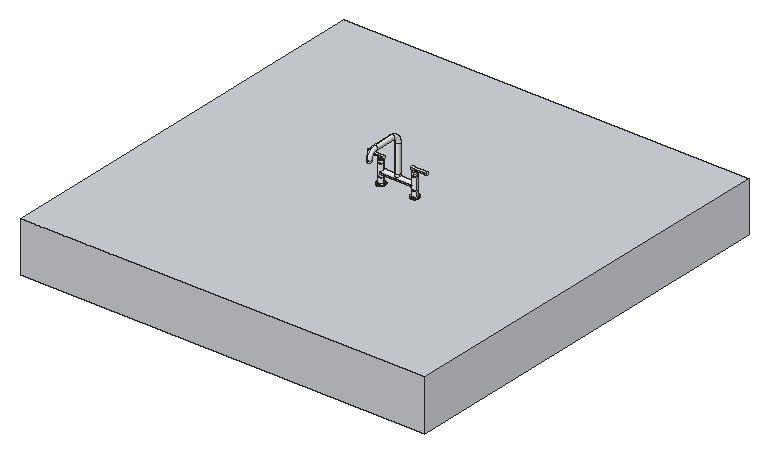
Revit family
Parameters (values of type "Metal-CP-Polished_Chrome")
  Width [instance] = 1' - 2"
  URL = "http://www.us.kohler.com"
  Product Page URL = "http://www.us.kohler.com/onlinecatalog/detail.jsp?prod_num=7547-4"
  Product Documentation Link = "http://www.us.kohler.com/onlinecatalog/pdf/1169539_4.pdf"
  Model = "K-7547-4"  # constant formula
  Manufacturer = "Kohler"  # constant formula
  Length [instance] = 0' - 10 1/16"
  Hot Water Radius = 0' 0 3/16"  # 3/16"
  Hot Water Diameter = Hot Water Radius * 2  # 3/8"
  Hot Water Connection = "Hot Water Connection"  # constant formula
  Height [instance] = 1' - 0 1/2"
  HWFU = 0
  HW Connection = yes
  Flow Rate = 1.8 GPM
  Finish = Metal-Kohler-CP-Polished Chrome
  Description = "Purist Deck-mount bridge faucet"  # constant formula
  Default Elevation = 0' - 0"
  Created By = "http://medialab3dstudio.com/"
  Cold Water Radius = 0' 0 3/16"  # 3/16"
  Cold Water Diameter = Cold Water Radius * 2  # 3/8"
  Cold Water Connection = "Cold Water Connection"  # constant formula
  CWFU = 0
  CW Connection = yes
  Assembly Code = "D2010"
Types (5): name | Finish
  (no name) | Metal-Kohler-CP-Polished Chrome
  Metal-CP-Polished_Chrome | Metal-Kohler-CP-Polished Chrome
  Metal-BL-Matte_Black | Metal-Kohler-BL-Matte Black
  Metal-SN-Vibrant_Polished_Nickel | Metal-Kohler-SN-Vibrant Polished Nickel
  Metal-VS-Vibrant_Stainless | Metal-Kohler-VS-Vibrant Stainless
Reference planes (in)
  plane 1 "Center (Front/Back)": y = 0
  plane 2 "Back": z = 0
  plane 3 "Center (Left/Right)": x = 0
  plane 4 "Left": x = -7
  plane 5 "Right": x = 7
  plane 6 "Top": y = 5.03125
  plane 7 "Bottom": y = -5.03125
  plane 8 "Front": z = 12.5
Forms (in)
  Extrusion 1, solid
    sketch origin (0, 0, 0) x (1, 0, 0) y (0, 1, 0)
      loop
        line (-48, 48) -> (-48, -48) -> (48, -48) -> (48, 48) -> (-48, 48)
    from 0 to -12
  Extrusion 2, solid, material "Metal-Kohler-CP-Polished Chrome" <- "Finish", not visible
    sketch origin (0, 0, 0) x (1, 0, 0) y (0, 1, 0)
      loop
        circle (-3.99993, 4.02) r 0.1875
      loop
        circle (3.99993, 4.02) r 0.1875
    from 0 to 0.1503
Dimensions and locks (in)
  equal spacing: plane 4 "Left", plane 3 "Center (Left/Right)", plane 5 "Right"
  "Width": plane 4 "Left" to plane 5 "Right"
  equal spacing: plane 6 "Top", plane 1 "Center (Front/Back)", plane 7 "Bottom"
  "Height": plane 8 "Front" to plane 2 "Back"
  "Length": plane 6 "Top" to plane 7 "Bottom"
  "Cold Water Radius": radius of Extrusion 2 sketch curve
  "Hot Water Radius": radius of Extrusion 2 sketch curve
  aligned and locked: plane 2 "Back" to Extrusion 1
  aligned and locked: level to Extrusion 1
Automatic sketch dimensions
  Extrusion 1 sketch curve to Extrusion 1 sketch curve = 8' - 0"  (x2)
  Extrusion 2 sketch curve to plane 6 "Top" = 0' - 1.01125"  (x2)
  plane 4 "Left" to Extrusion 2 sketch curve = 0' - 3.00007"
  plane 5 "Right" to Extrusion 2 sketch curve = 0' - 3.00007"
Nested families (in)
  nested 1: "7547-4-Base" at (0, 0, 0), type "7547-4-Base"
Connectors (in)
  piping at (3.99993, 4.02, 0), driven by "Flow Rate", driven by "Cold Water Radius", driven by "CW Connection", driven by "Cold Water Connection", driven by "CWFU"
    settings: on Extrusion 2, index 1, connector radius 3/16", flow factor 0, pipe flow 1.8 GPM, pressure drop 0.00 psi, fitting loss kfactor 0, connector angle 0.00°, fixture units 0, flow configuration 3, flow direction 1, fitting loss method 0, system type 20, connector reference index -1, connector utility 1, adjustable connector yes, is connector primary yes, fitting loss table "", connector description "Cold Water Connection"
  piping at (-3.99993, 4.02, 0), driven by "Flow Rate", driven by "Hot Water Radius", driven by "HW Connection", driven by "Hot Water Connection", driven by "HWFU"
    settings: on Extrusion 2, index 2, connector radius 3/16", flow factor 0, pipe flow 1.8 GPM, pressure drop 0.00 psi, fitting loss kfactor 0, connector angle 0.00°, fixture units 0, flow configuration 3, flow direction 1, fitting loss method 0, system type 19, connector reference index -1, connector utility 1, adjustable connector yes, is connector primary no, fitting loss table "", connector description "Hot Water Connection"
Definition of nested family "7547-4-Base"
  Parameters (values of type "7547-4-Base")
    Finish = none
  Reference planes (in)
    plane 1 "Center (Front/Back)": y = 0
    plane 2 "Bottom": z = 0
    plane 3 "Center (Left/Right)": x = 0
    plane 4 "Left": x = -7
    plane 5 "Right": x = 7
    plane 6 "Top": z = 12.5
    plane 7: z = 2.65809
    plane 8 "Back": y = 5.03125
    plane 9 "Front": y = -5.03125
  Forms (in)
    Revolve 1, solid, material <- "Finish", detail levels fine
      sketch origin (0, 4.02, 0) x (0, 0, -1) y (-1, 0, 0)
        loop
          line (-5.99817, 3.99993) -> (0, 3.99993) -> (0, 4.9649)
          arc (0, 4.9649) -> (-0.00882, 4.98619) -> (-0.03012, 4.99501) r 0.03012
          line (-0.03012, 4.99501) -> (-0.15012, 4.99501)
          arc (-0.15012, 4.99501) -> (-0.16928, 4.98809) -> (-0.17959, 4.97053) r 0.02998
          line (-0.17959, 4.97053) -> (-0.17959, 4.82251)
          arc (-0.17959, 4.82251) -> (-0.2471, 4.65954) -> (-0.41008, 4.59203) r 0.23049
          line (-0.41008, 4.59203) -> (-1.67015, 4.59203)
          arc (-1.67015, 4.59203) -> (-1.69103, 4.58338) -> (-1.69967, 4.56251) r 0.02952
          arc (-1.69967, 4.56251) -> (-1.71023, 4.58651) -> (-1.73505, 4.59496) r 0.03257
          line (-1.73505, 4.59496) -> (-4.63437, 4.59496)
          arc (-4.63437, 4.59496) -> (-4.67131, 4.58223) -> (-4.6926, 4.54946) r 0.06001
          line (-4.6926, 4.54946) -> (-4.72002, 4.5653)
          arc (-4.72002, 4.5653) -> (-4.72863, 4.58608) -> (-4.74941, 4.59469) r 0.02939
          line (-4.74941, 4.59469) -> (-5.30529, 4.58988)
          arc (-5.30529, 4.58988) -> (-5.3264, 4.58098) -> (-5.33513, 4.55981) r 0.0301
          line (-5.33513, 4.55981) -> (-5.33513, 4.47761)
          arc (-5.33513, 4.47761) -> (-5.40762, 4.30165) -> (-5.58301, 4.22781) r 0.24981
          line (-5.58301, 4.22781) -> (-5.99817, 4.22781) -> (-5.99817, 3.99993)
        axis (0, 3.99993) -> (-5.99817, 3.99993)
      angle from 0 to 360
    Extrusion 2, solid, material <- "Finish", detail levels fine
      sketch origin (0, 0, -0.10001) x (0, 1, 0) y (0, 0, 1)
        loop
          circle (4.01996, 6.10275) r 0.26961
      from -7 to -3.24998
    Revolve 3, solid, material <- "Finish", detail levels fine
      sketch origin (0, 4.02, 0) x (0, 0, -1) y (1, 0, 0)
        loop
          line (-5.99817, 3.99993) -> (0, 3.99993) -> (0, 4.9649)
          arc (0, 4.9649) -> (-0.00882, 4.98619) -> (-0.03012, 4.99501) r 0.03012
          line (-0.03012, 4.99501) -> (-0.15012, 4.99501)
          arc (-0.15012, 4.99501) -> (-0.16928, 4.98809) -> (-0.17959, 4.97053) r 0.02998
          line (-0.17959, 4.97053) -> (-0.17959, 4.82251)
          arc (-0.17959, 4.82251) -> (-0.2471, 4.65954) -> (-0.41008, 4.59203) r 0.23049
          line (-0.41008, 4.59203) -> (-1.67015, 4.59203)
          arc (-1.67015, 4.59203) -> (-1.69103, 4.58338) -> (-1.69967, 4.56251) r 0.02952
          arc (-1.69967, 4.56251) -> (-1.71023, 4.58651) -> (-1.73505, 4.59496) r 0.03257
          line (-1.73505, 4.59496) -> (-4.63437, 4.59496)
          arc (-4.63437, 4.59496) -> (-4.67131, 4.58223) -> (-4.6926, 4.54946) r 0.06001
          line (-4.6926, 4.54946) -> (-4.72002, 4.5653)
          arc (-4.72002, 4.5653) -> (-4.72863, 4.58608) -> (-4.74941, 4.59469) r 0.02939
          line (-4.74941, 4.59469) -> (-5.30529, 4.58988)
          arc (-5.30529, 4.58988) -> (-5.3264, 4.58098) -> (-5.33513, 4.55981) r 0.0301
          line (-5.33513, 4.55981) -> (-5.33513, 4.47761)
          arc (-5.33513, 4.47761) -> (-5.40762, 4.30165) -> (-5.58301, 4.22781) r 0.24981
          line (-5.58301, 4.22781) -> (-5.99817, 4.22781) -> (-5.99817, 3.99993)
        axis (0, 3.99993) -> (-5.99817, 3.99993)
      angle from 0 to 360
    Extrusion 4, solid, material <- "Finish", detail levels fine
      sketch origin (0, 0, -0.10001) x (0, 1, 0) y (0, 0, -1)
        loop
          circle (4.01996, -6.10275) r 0.26961
      from -7 to -3.24998
    Extrusion 5, solid, material <- "Finish", detail levels fine
      sketch origin (0, 0, 0) x (0, 1, 0) y (0, 0, 1)
        loop
          circle (4.02, 2.65809) r 0.58905
      from -3.99993 to 4.00005
    Revolve 6, solid, material <- "Finish", detail levels fine
      sketch origin (0, 4.02, 0) x (0, 0, -1) y (-1, 0, 0)
        loop
          arc (-3.6961, 0.49999) -> (-3.73242, 0.48401) -> (-3.74517, 0.44644) r 0.04925
          line (-3.74517, 0.44644) -> (-3.74517, 0) -> (-2.65809, 0) -> (-2.65809, 0.49999) -> (-3.6961, 0.49999)
        axis (-2.65809, 0) -> (-3.74517, 0)
      angle from 0 to 360
    Sweep 7, solid, material <- "Finish", detail levels fine
      path origin (0, 0, 0) x (0, 1, 0) y (0, 0, 1)
        loop
          line (4.02, 3.74517) -> (4.02, 10.29576)
          arc (4.02, 10.29576) -> (3.52236, 11.49717) -> (2.32096, 11.9948) r 1.69905
          line (2.32096, 11.9948) -> (-2.82251, 11.9948)
          arc (-2.82251, 11.9948) -> (-4.02783, 11.49555) -> (-4.52709, 10.29023) r 1.70458
          line (-4.52709, 10.29023) -> (-4.52709, 9.9187)
      profile origin (0, -0.25078, 11.9948) x (0, 0, -1) y (1, 0, 0)
        loop
          circle (0, 0) r 0.5052
    Extrusion 8, void
      sketch origin (0, 0, 0) x (1, 0, 0) y (0, 1, 0)
        loop
          circle (0, -4.52712) r 0.33254
      from 9.86577 to 10.6019
    Extrusion 9, solid, material <- "Finish", detail levels coarse+medium
      sketch origin (0, 0, 0) x (1, 0, 0) y (0, 1, 0)
        loop
          line (-7, 5.03228) -> (-7, -5.03228) -> (7, -5.03228) -> (7, 5.03228) -> (-7, 5.03228)
      from 0 to 12.5
  Cuts and joins
    Extrusion 8 cuts Sweep 7
    joined: Revolve 1, Extrusion 2, Revolve 3, Extrusion 4, Extrusion 5, Revolve 6, Sweep 7
  Lines and regions (in)
    Masking region 1, detail levels coarse
      outline origin (0, 0, 0) x (1, 0, 0) y (0, 0, 1)
        loop
          line (-7, 12.5) -> (-7, 0) -> (7, 0) -> (7, 12.5) -> (-7, 12.5)
    Masking region 2, detail levels medium+fine
      outline origin (0, 0, 0) x (1, 0, 0) y (0, 0, 1)
        loop
          line (-4.9649, 0) -> (-3.0351, 0)
          arc (-3.0351, 0) -> (-3.01381, 0.00882) -> (-3.00499, 0.03012) r 0.03012
          line (-3.00499, 0.03012) -> (-3.00499, 0.15019)
          arc (-3.00499, 0.15019) -> (-3.01381, 0.17149) -> (-3.0351, 0.18031) r 0.03012
          line (-3.0351, 0.18031) -> (-3.18047, 0.18031)
          arc (-3.18047, 0.18031) -> (-3.34197, 0.24778) -> (-3.40747, 0.41008) r 0.22701
          line (-3.40747, 0.41008) -> (-3.40747, 1.67015)
          arc (-3.40747, 1.67015) -> (-3.41612, 1.69103) -> (-3.43699, 1.69967) r 0.02952
          arc (-3.43699, 1.69967) -> (-3.41313, 1.71026) -> (-3.40495, 1.73505) r 0.0322
          line (-3.40495, 1.73505) -> (-3.40495, 1.93475)
          arc (-3.40495, 1.93475) -> (-3.36685, 2.02602) -> (-3.27516, 2.06311) r 0.12837
          line (-3.27516, 2.06311) -> (3.27511, 2.06311)
          arc (3.27511, 2.06311) -> (3.3668, 2.02602) -> (3.40491, 1.93475) r 0.12837
          line (3.40491, 1.93475) -> (3.40491, 1.73505)
          arc (3.40491, 1.73505) -> (3.41308, 1.71026) -> (3.43694, 1.69967) r 0.0322
          arc (3.43694, 1.69967) -> (3.41607, 1.69103) -> (3.40742, 1.67015) r 0.02952
          line (3.40742, 1.67015) -> (3.40742, 0.41008)
          arc (3.40742, 0.41008) -> (3.34192, 0.24778) -> (3.18043, 0.18031) r 0.22701
          line (3.18043, 0.18031) -> (3.03506, 0.18031)
          arc (3.03506, 0.18031) -> (3.01376, 0.17149) -> (3.00494, 0.15019) r 0.03012
          line (3.00494, 0.15019) -> (3.00494, 0.03012)
          arc (3.00494, 0.03012) -> (3.01376, 0.00882) -> (3.03506, 0) r 0.03012
          line (3.03506, 0) -> (4.96485, 0)
          arc (4.96485, 0) -> (4.98615, 0.00882) -> (4.99497, 0.03012) r 0.03012
          line (4.99497, 0.03012) -> (4.99497, 0.15012)
          arc (4.99497, 0.15012) -> (4.98805, 0.16928) -> (4.97048, 0.17959) r 0.02998
          line (4.97048, 0.17959) -> (4.82247, 0.17959)
          arc (4.82247, 0.17959) -> (4.65949, 0.2471) -> (4.59198, 0.41008) r 0.23049
          line (4.59198, 0.41008) -> (4.59198, 1.67015)
          arc (4.59198, 1.67015) -> (4.58334, 1.69103) -> (4.56246, 1.69967) r 0.02952
          arc (4.56246, 1.69967) -> (4.58646, 1.71023) -> (4.59491, 1.73505) r 0.03257
          line (4.59491, 1.73505) -> (4.59491, 4.64501)
          arc (4.59491, 4.64501) -> (4.58026, 4.68038) -> (4.5449, 4.69503) r 0.05002
          line (4.5449, 4.69503) -> (4.56525, 4.72002)
          arc (4.56525, 4.72002) -> (4.58603, 4.72863) -> (4.59464, 4.74941) r 0.02939
          line (4.59464, 4.74941) -> (4.58983, 5.30529)
          arc (4.58983, 5.30529) -> (4.58093, 5.3264) -> (4.55976, 5.33513) r 0.0301
          line (4.55976, 5.33513) -> (4.4764, 5.33513)
          arc (4.4764, 5.33513) -> (4.30086, 5.40769) -> (4.22776, 5.58301) r 0.24864
          line (4.22776, 5.58301) -> (4.22776, 5.73313) -> (6.99995, 5.73313) -> (6.99995, 6.27234) -> (3.24994, 6.27234) -> (3.24994, 5.73313) -> (3.77201, 5.73313) -> (3.77201, 5.58301)
          arc (3.77201, 5.58301) -> (3.69891, 5.40769) -> (3.52337, 5.33513) r 0.24864
          line (3.52337, 5.33513) -> (3.44001, 5.33513)
          arc (3.44001, 5.33513) -> (3.41884, 5.3264) -> (3.40994, 5.30529) r 0.0301
          line (3.40994, 5.30529) -> (3.40513, 4.74941)
          arc (3.40513, 4.74941) -> (3.41374, 4.72863) -> (3.43452, 4.72002) r 0.02939
          line (3.43452, 4.72002) -> (3.45488, 4.69503)
          arc (3.45488, 4.69503) -> (3.41951, 4.68038) -> (3.40486, 4.64501) r 0.05002
          line (3.40486, 4.64501) -> (3.40486, 3.38314)
          arc (3.40486, 3.38314) -> (3.36679, 3.29123) -> (3.27488, 3.25316) r 0.12998
          line (3.27488, 3.25316) -> (0.62997, 3.25316)
          arc (0.62997, 3.25316) -> (0.53806, 3.29123) -> (0.49999, 3.38314) r 0.12998
          line (0.49999, 3.38314) -> (0.49999, 3.6961)
          arc (0.49999, 3.6961) -> (0.48705, 3.72937) -> (0.45504, 3.74517) r 0.04925
          arc (0.45504, 3.74517) -> (0.48482, 3.76312) -> (0.49999, 3.79441) r 0.06114
          line (0.49999, 3.79441) -> (0.49994, 12.00003)
          arc (0.49994, 12.00003) -> (-0.00002, 12.5) -> (-0.49999, 12.00003) r 0.49997
          line (-0.49999, 12.00003) -> (-0.49999, 3.79441)
          arc (-0.49999, 3.79441) -> (-0.48482, 3.76312) -> (-0.45504, 3.74517) r 0.06114
          arc (-0.45504, 3.74517) -> (-0.48705, 3.72937) -> (-0.49999, 3.6961) r 0.04925
          line (-0.49999, 3.6961) -> (-0.49999, 3.38314)
          arc (-0.49999, 3.38314) -> (-0.53806, 3.29123) -> (-0.62997, 3.25316) r 0.12998
          line (-0.62997, 3.25316) -> (-3.27493, 3.25316)
          arc (-3.27493, 3.25316) -> (-3.36684, 3.29123) -> (-3.40491, 3.38314) r 0.12998
          line (-3.40491, 3.38314) -> (-3.40491, 4.64501)
          arc (-3.40491, 4.64501) -> (-3.41956, 4.68038) -> (-3.45492, 4.69503) r 0.05002
          line (-3.45492, 4.69503) -> (-3.43457, 4.72002)
          arc (-3.43457, 4.72002) -> (-3.41378, 4.72863) -> (-3.40517, 4.74941) r 0.02939
          line (-3.40517, 4.74941) -> (-3.40999, 5.30529)
          arc (-3.40999, 5.30529) -> (-3.41888, 5.3264) -> (-3.44006, 5.33513) r 0.0301
          line (-3.44006, 5.33513) -> (-3.52341, 5.33513)
          arc (-3.52341, 5.33513) -> (-3.69896, 5.40769) -> (-3.77205, 5.58301) r 0.24864
          line (-3.77205, 5.58301) -> (-3.77205, 5.73313) -> (-3.24998, 5.73313) -> (-3.24998, 6.27234) -> (-7, 6.27234) -> (-7, 5.73313) -> (-4.22781, 5.73313) -> (-4.22781, 5.58301)
          arc (-4.22781, 5.58301) -> (-4.3009, 5.40769) -> (-4.47645, 5.33513) r 0.24864
          line (-4.47645, 5.33513) -> (-4.55981, 5.33513)
          arc (-4.55981, 5.33513) -> (-4.58098, 5.3264) -> (-4.58988, 5.30529) r 0.0301
          line (-4.58988, 5.30529) -> (-4.59469, 4.74941)
          arc (-4.59469, 4.74941) -> (-4.58608, 4.72863) -> (-4.5653, 4.72002) r 0.02939
          line (-4.5653, 4.72002) -> (-4.54494, 4.69503)
          arc (-4.54494, 4.69503) -> (-4.58031, 4.68038) -> (-4.59496, 4.64501) r 0.05002
          line (-4.59496, 4.64501) -> (-4.59496, 1.73505)
          arc (-4.59496, 1.73505) -> (-4.58651, 1.71023) -> (-4.56251, 1.69967) r 0.03257
          arc (-4.56251, 1.69967) -> (-4.58338, 1.69103) -> (-4.59203, 1.67015) r 0.02952
          line (-4.59203, 1.67015) -> (-4.59203, 0.41008)
          arc (-4.59203, 0.41008) -> (-4.65954, 0.2471) -> (-4.82251, 0.17959) r 0.23049
          line (-4.82251, 0.17959) -> (-4.97053, 0.17959)
          arc (-4.97053, 0.17959) -> (-4.98809, 0.16928) -> (-4.99501, 0.15012) r 0.02998
          line (-4.99501, 0.15012) -> (-4.99501, 0.03012)
          arc (-4.99501, 0.03012) -> (-4.98619, 0.00882) -> (-4.9649, 0) r 0.03012
    Masking region 3, detail levels coarse
      outline origin (0, 0, 0) x (1, 0, 0) y (0, 1, 0)
        loop
          line (-7, 5.03228) -> (-7, -5.03228) -> (7, -5.03228) -> (7, 5.03228) -> (-7, 5.03228)
    Masking region 4, detail levels medium+fine
      outline origin (0, 0, 0) x (1, 0, 0) y (0, 1, 0)
        loop
          line (-7, 3.75035) -> (-4.93232, 3.75035)
          arc (-4.93232, 3.75035) -> (-4.18247, 3.06673) -> (-3.23312, 3.42498) r 0.97059
          line (-3.23312, 3.42498) -> (-0.5052, 3.42498) -> (-0.5052, -4.52709)
          arc (-0.5052, -4.52709) -> (-0.0026, -5.02968) -> (0.49999, -4.52709) r 0.50259
          line (0.49999, -4.52709) -> (0.49999, 3.42525) -> (3.23291, 3.42525)
          arc (3.23291, 3.42525) -> (4.1823, 3.0667) -> (4.93232, 3.75035) r 0.97059
          line (4.93232, 3.75035) -> (7, 3.75035) -> (7, 4.28956) -> (4.93234, 4.28956)
          arc (4.93234, 4.28956) -> (4.18252, 4.97327) -> (3.23312, 4.61503) r 0.97059
          line (3.23312, 4.61503) -> (-3.23312, 4.61503)
          arc (-3.23312, 4.61503) -> (-4.18252, 4.97327) -> (-4.93234, 4.28956) r 0.97059
          line (-4.93234, 4.28956) -> (-7, 4.28956) -> (-7, 3.75035)
    Masking region 5, detail levels coarse
      outline origin (0, 0, 0) x (0, 1, 0) y (0, 0, 1)
        loop
          line (5.03228, 12.5) -> (-5.03228, 12.5) -> (-5.03228, 0) -> (5.03228, 0) -> (5.03228, 12.5)
    Masking region 6, detail levels medium+fine
      outline origin (0, 0, 0) x (0, 1, 0) y (0, 0, 1)
        loop
          line (5.03228, 0.03054) -> (5.03228, 0.15254)
          arc (5.03228, 0.15254) -> (5.02331, 0.1742) -> (5.00165, 0.18317) r 0.03064
          line (5.00165, 0.18317) -> (4.85684, 0.18317)
          arc (4.85684, 0.18317) -> (4.69141, 0.2517) -> (4.62288, 0.41713) r 0.23396
          line (4.62288, 0.41713) -> (4.62288, 1.66913)
          arc (4.62288, 1.66913) -> (4.61394, 1.69073) -> (4.59234, 1.69967) r 0.03055
          arc (4.59234, 1.69967) -> (4.61662, 1.71027) -> (4.62537, 1.73528) r 0.03312
          line (4.62537, 1.73528) -> (4.62537, 4.63205)
          arc (4.62537, 4.63205) -> (4.61209, 4.66638) -> (4.57918, 4.68284) r 0.05101
          line (4.57918, 4.68284) -> (4.60122, 4.70487)
          arc (4.60122, 4.70487) -> (4.61904, 4.71467) -> (4.62537, 4.73399) r 0.02769
          line (4.62537, 4.73399) -> (4.62012, 5.30384)
          arc (4.62012, 5.30384) -> (4.61128, 5.32518) -> (4.58995, 5.33402) r 0.03018
          line (4.58995, 5.33402) -> (4.52522, 5.33402) -> (4.52522, 10.31751)
          arc (4.52522, 10.31751) -> (3.88599, 11.86076) -> (2.34274, 12.5) r 2.18249
          line (2.34274, 12.5) -> (-2.83723, 12.5)
          arc (-2.83723, 12.5) -> (-4.38937, 11.85708) -> (-5.03228, 10.30495) r 2.19505
          line (-5.03228, 10.30495) -> (-5.03228, 9.91875) -> (-4.02189, 9.91875) -> (-4.02189, 10.30495)
          arc (-4.02189, 10.30495) -> (-3.67489, 11.14268) -> (-2.83717, 11.48968) r 1.18473
          line (-2.83717, 11.48968) -> (2.37374, 11.48968)
          arc (2.37374, 11.48968) -> (3.18051, 11.1555) -> (3.51469, 10.34872) r 1.14095
          line (3.51469, 10.34872) -> (3.51469, 5.33402) -> (3.44997, 5.33402)
          arc (3.44997, 5.33402) -> (3.42863, 5.32518) -> (3.41979, 5.30384) r 0.03018
          line (3.41979, 5.30384) -> (3.41455, 4.73399)
          arc (3.41455, 4.73399) -> (3.42088, 4.71467) -> (3.4387, 4.70487) r 0.02769
          line (3.4387, 4.70487) -> (3.46073, 4.68284)
          arc (3.46073, 4.68284) -> (3.42782, 4.66638) -> (3.41455, 4.63205) r 0.05101
          line (3.41455, 4.63205) -> (3.41455, 1.73528)
          arc (3.41455, 1.73528) -> (3.4233, 1.71027) -> (3.44758, 1.69967) r 0.03312
          arc (3.44758, 1.69967) -> (3.42598, 1.69073) -> (3.41703, 1.66913) r 0.03055
          line (3.41703, 1.66913) -> (3.41703, 0.41713)
          arc (3.41703, 0.41713) -> (3.34851, 0.2517) -> (3.18308, 0.18317) r 0.23396
          line (3.18308, 0.18317) -> (3.03827, 0.18317)
          arc (3.03827, 0.18317) -> (3.01661, 0.1742) -> (3.00763, 0.15254) r 0.03064
          line (3.00763, 0.15254) -> (3.00763, 0.03045)
          arc (3.00763, 0.03045) -> (3.01655, 0.00892) -> (3.03808, 0) r 0.03045
          line (3.03808, 0) -> (5.00174, 0)
          arc (5.00174, 0) -> (5.02334, 0.00895) -> (5.03228, 0.03054) r 0.03054
    symbolic lines, style "Masking Lines", detail levels fine
      curve 1: line (-4.99501, 0, 0.03012) -> (-3.00499, 0, 0.03012)
      curve 2: line (-4.99501, 0, 0.15012) -> (-3.00499, 0, 0.15019)
      curve 3: line (-4.82251, 0, 0.17959) -> (-3.18047, 0, 0.18031)
      curve 4: line (-4.59203, 0, 1.67015) -> (-3.40747, 0, 1.67015)
      curve 5: line (-3.43699, 0, 1.69967) -> (-4.56251, 0, 1.69967)
      curve 6: line (-4.59496, 0, 1.73505) -> (-3.40491, 0, 1.73505)
      curve 7: line (-3.27516, 0, 2.06311) -> (-3.99993, 0, 2.65809)
      curve 8: line (-3.99993, 0, 2.65809) -> (-3.27493, 0, 3.25316)
      curve 9: line (-3.40491, 0, 4.64501) -> (-4.59496, 0, 4.64501)
      curve 10: line (-4.54494, 0, 4.69503) -> (-3.45492, 0, 4.69503)
      curve 11: line (-3.43457, 0, 4.72002) -> (-4.5653, 0, 4.72002)
      curve 12: line (-4.59469, 0, 4.74941) -> (-3.40517, 0, 4.74941)
      curve 13: line (-3.52341, 0, 5.33513) -> (-4.47645, 0, 5.33513)
      curve 14: line (-3.77205, 0, 5.73313) -> (-4.22781, 0, 5.73313)
      curve 15: line (4.99501, 0, 0.03012) -> (3.00499, 0, 0.03012)
      curve 16: line (4.99501, 0, 0.15012) -> (3.00499, 0, 0.15019)
      curve 17: line (4.82251, 0, 0.17959) -> (3.18047, 0, 0.18031)
      curve 18: line (4.59203, 0, 1.67015) -> (3.40747, 0, 1.67015)
      curve 19: line (3.43699, 0, 1.69967) -> (4.56251, 0, 1.69967)
      curve 20: line (4.59496, 0, 1.73505) -> (3.40491, 0, 1.73505)
      curve 21: line (3.40491, 0, 4.64501) -> (4.59496, 0, 4.64501)
      curve 22: line (4.54494, 0, 4.69503) -> (3.45492, 0, 4.69503)
      curve 23: line (3.43457, 0, 4.72002) -> (4.5653, 0, 4.72002)
      curve 24: line (4.59469, 0, 4.74941) -> (3.40517, 0, 4.74941)
      curve 25: line (3.52341, 0, 5.33513) -> (4.47645, 0, 5.33513)
      curve 26: line (3.77205, 0, 5.73313) -> (4.22781, 0, 5.73313)
      curve 27: line (-0.49999, 0, 3.38314) -> (0.49999, 0, 3.38314)
      curve 28: line (-0.49999, 0, 3.6961) -> (0.49999, 0, 3.6961)
      curve 29: line (-0.49999, 0, 3.79441) -> (0.49999, 0, 3.79441)
      curve 30: line (0.45504, 0, 3.74517) -> (-0.45504, 0, 3.74517)
      curve 31: line (-0.5052, -5.03228, 9.9187) -> (0.5052, -5.03228, 9.9187)
      curve 32: line (-4.93234, 4.28956, 0) -> (-3.24998, 4.28956, 0)
      curve 33: line (-3.24998, 4.28956, 0) -> (-3.24998, 3.75035, 0)
      curve 34: line (-3.24998, 3.75035, 0) -> (-4.93232, 3.75035, 0)
      curve 35: arc (-3.46947, 4.28956, 0) -> (-3.99993, 4.61503, 0) -> (-4.5304, 4.28956, 0) r 0.59503
      curve 36: line (-3.99993, 4.61503, 0) -> (-3.23312, 4.61503, 0)
      curve 37: arc (-4.53035, 3.75035, 0) -> (-3.99993, 3.42498, 0) -> (-3.46951, 3.75035, 0) r 0.59503
      curve 38: line (-0.5052, 3.42498, 0) -> (-0.5052, 4.02, 0)
      curve 39: line (0.49999, 3.42525, 0) -> (0.49999, 4.02, 0)
      curve 40: arc (0.49999, 4.02, 0) -> (-0.0026, 4.5226, 0) -> (-0.5052, 4.02, 0) r 0.50259
      curve 41: line (-3.99993, 3.42498, 0) -> (-3.23312, 3.42498, 0)
      curve 42: line (4.93234, 4.28956, 0) -> (3.24998, 4.28956, 0)
      curve 43: line (3.24998, 4.28956, 0) -> (3.24998, 3.75035, 0)
      curve 44: line (3.24998, 3.75035, 0) -> (4.93232, 3.75035, 0)
      curve 45: arc (3.46947, 4.28956, 0) -> (3.99993, 4.61503, 0) -> (4.5304, 4.28956, 0) r 0.59503
      curve 46: line (3.99993, 4.61503, 0) -> (3.23312, 4.61503, 0)
      curve 47: arc (4.53035, 3.75035, 0) -> (3.99993, 3.42498, 0) -> (3.46951, 3.75035, 0) r 0.59503
      curve 48: line (3.99993, 3.42498, 0) -> (3.23312, 3.42498, 0)
      curve 49: line (0, 4.52522, 5.33402) -> (0, 3.51469, 5.33402)
      curve 50: circle (0, 4.01996, 6.00274) r 0.26961 normal (1, 0, 0)
      curve 51: line (0, 3.79214, 5.85856) -> (0, 3.79214, 5.58301)
      curve 52: line (0, 4.24787, 5.85871) -> (0, 4.24787, 5.58301)
      curve 53: arc (0, 3.79214, 5.58301) -> (0, 3.71921, 5.40695) -> (0, 3.54314, 5.33402) r 0.24899
      curve 54: arc (0, 4.24787, 5.58301) -> (0, 4.3208, 5.40695) -> (0, 4.49686, 5.33402) r 0.24899
      curve 55: line (0, 4.60122, 4.70487) -> (0, 3.4387, 4.70487)
      curve 56: line (0, 3.41455, 4.73399) -> (0, 4.62537, 4.73399)
      curve 57: line (0, 4.57918, 4.68284) -> (0, 3.46073, 4.68284)
      curve 58: line (0, 4.62537, 4.63205) -> (0, 3.41455, 4.63205)
      curve 59: line (0, 4.59234, 1.69967) -> (0, 3.44758, 1.69967)
      curve 60: line (0, 3.41455, 1.73528) -> (0, 4.62537, 1.73528)
      curve 61: line (0, 4.62288, 1.66913) -> (0, 3.41703, 1.66913)
      curve 62: line (0, 4.85684, 0.18317) -> (0, 3.18308, 0.18317)
      curve 63: line (0, 3.00763, 0.15254) -> (0, 5.03228, 0.15254)
      curve 64: line (0, 3.00763, 0.03045) -> (0, 5.03228, 0.03045)
  Dimensions and locks (in)
    equal spacing: plane 4 "Left", plane 3 "Center (Left/Right)", plane 5 "Right"
    plane 4 "Left" to plane 5 "Right" = 1' - 2"
    equal spacing: plane 9 "Front", plane 1 "Center (Front/Back)", plane 8 "Back"
    aligned and locked: plane 2 "Bottom" to level
  Automatic sketch dimensions
    Revolve 1 sketch curve to level = 0' - 0"
    Revolve 1 sketch curve to Revolve 1 sketch curve = 0' - 0.03012"
    Revolve 1 sketch curve to Revolve 1 sketch curve = 0' - 0.12"
    Revolve 1 sketch curve to Revolve 1 sketch curve = 0' - 0.02947"
    Revolve 1 sketch curve to Revolve 1 sketch curve = 0' - 0 59/256"
    Revolve 1 sketch curve to Revolve 1 sketch curve = 0' - 1.26007"
    Revolve 1 sketch curve to Revolve 1 sketch curve = 0' - 0.02952"
    Revolve 1 sketch curve to Revolve 1 sketch curve = 0' - 0"  (x3)
    Revolve 1 sketch curve to Revolve 1 sketch curve = 0' - 0.03257"
    Revolve 1 sketch curve to Revolve 1 sketch curve = 0' - 0.00281"
    Revolve 1 sketch curve to Revolve 1 sketch curve = 0' - 2.89932"
    Revolve 1 sketch curve to Revolve 1 sketch curve = 0' - 0.05823"
    Revolve 1 sketch curve to Revolve 1 sketch curve = 0' - 0.02742"
    Revolve 1 sketch curve to Revolve 1 sketch curve = 0' - 0.02939"
    Revolve 1 sketch curve to Revolve 1 sketch curve = 0' - 0.55562"
    Revolve 1 sketch curve to Revolve 1 sketch curve = 0' - 0.00026"
    Revolve 1 sketch curve to Revolve 1 sketch curve = 0' - 0.0301"
    Revolve 1 sketch curve to Revolve 1 sketch curve = 0' - 0.24788"
    Revolve 1 sketch curve to Revolve 1 sketch curve = 0' - 0.24981"
    Revolve 1 sketch curve to Revolve 1 sketch curve = 0' - 0.41516"
    Revolve 1 sketch curve to Revolve 1 sketch curve = 0' - 0 119/128"
    plane 4 "Left" to Revolve 1 sketch curve = 0' - 3.00007"
    Revolve 1 sketch curve to Revolve 1 sketch curve = 0' - 0.22788"
    Revolve 1 sketch curve to Revolve 1 sketch curve = 0' - 0.05734"
    Revolve 1 sketch curve to Revolve 1 sketch curve = 0' - 0.01452"
    Revolve 1 sketch curve to Revolve 1 sketch curve = 0' - 0.08217"
    Revolve 1 sketch curve to Revolve 1 sketch curve = 0' - 0.00003"
    Revolve 1 sketch curve to Revolve 1 sketch curve = 0' - 0.01583"
    Revolve 1 sketch curve to Revolve 1 sketch curve = 0' - 0.14238"
    Revolve 1 sketch curve to Revolve 1 sketch curve = 0' - 0.02998"
    level to Extrusion 2 sketch curve = 0' - 6.00274"
    Revolve 3 sketch curve to level = 0' - 0"
    Revolve 3 sketch curve to Revolve 3 sketch curve = 0' - 0.03012"
    Revolve 3 sketch curve to Revolve 3 sketch curve = 0' - 0.12"
    Revolve 3 sketch curve to Revolve 3 sketch curve = 0' - 0.02947"
    Revolve 3 sketch curve to Revolve 3 sketch curve = 0' - 0 59/256"
    Revolve 3 sketch curve to Revolve 3 sketch curve = 0' - 1.26007"
    Revolve 3 sketch curve to Revolve 3 sketch curve = 0' - 0.02952"
    Revolve 3 sketch curve to Revolve 3 sketch curve = 0' - 0"  (x3)
    Revolve 3 sketch curve to Revolve 3 sketch curve = 0' - 0.03257"
    Revolve 3 sketch curve to Revolve 3 sketch curve = 0' - 0.00281"
    Revolve 3 sketch curve to Revolve 3 sketch curve = 0' - 2.89932"
    Revolve 3 sketch curve to Revolve 3 sketch curve = 0' - 0.05823"
    Revolve 3 sketch curve to Revolve 3 sketch curve = 0' - 0.02742"
    Revolve 3 sketch curve to Revolve 3 sketch curve = 0' - 0.02939"
    Revolve 3 sketch curve to Revolve 3 sketch curve = 0' - 0.55562"
    Revolve 3 sketch curve to Revolve 3 sketch curve = 0' - 0.00026"
    Revolve 3 sketch curve to Revolve 3 sketch curve = 0' - 0.0301"
    Revolve 3 sketch curve to Revolve 3 sketch curve = 0' - 0.24788"
    Revolve 3 sketch curve to Revolve 3 sketch curve = 0' - 0.24981"
    Revolve 3 sketch curve to Revolve 3 sketch curve = 0' - 0.41516"
    Revolve 3 sketch curve to Revolve 3 sketch curve = 0' - 0 119/128"
    Revolve 3 sketch curve to plane 5 "Right" = 0' - 3.00007"
    Revolve 3 sketch curve to Revolve 3 sketch curve = 0' - 0.22788"
    Revolve 3 sketch curve to Revolve 3 sketch curve = 0' - 0.05734"
    Revolve 3 sketch curve to Revolve 3 sketch curve = 0' - 0.01452"
    Revolve 3 sketch curve to Revolve 3 sketch curve = 0' - 0.08217"
    Revolve 3 sketch curve to Revolve 3 sketch curve = 0' - 0.00003"
    Revolve 3 sketch curve to Revolve 3 sketch curve = 0' - 0.01583"
    Revolve 3 sketch curve to Revolve 3 sketch curve = 0' - 0.14238"
    Revolve 3 sketch curve to Revolve 3 sketch curve = 0' - 0.02998"
    level to Extrusion 4 sketch curve = 0' - 6.00274"
    Sweep 7 sketch curve to plane 3 "Center (Left/Right)" = 0' - 0"
    Sweep 7 sketch curve to profile plane = 0' - 0"
    Extrusion 8 sketch curve to plane 3 "Center (Left/Right)" = 0' - 0"
    Sweep 7 sketch curve to Sweep 7 sketch curve = 0' - 0.37152"
    level to Sweep 7 sketch curve = 0' - 3.74517"
    Revolve 6 sketch curve to plane 3 "Center (Left/Right)" = 0' - 0"  (x2)
    Revolve 6 sketch curve to plane 7 = 0' - 0"
    Revolve 6 sketch curve to plane 3 "Center (Left/Right)" = 0' - 0 1/2"
    Revolve 6 sketch curve to Revolve 6 sketch curve = 0' - 1.03801"
    Revolve 6 sketch curve to Revolve 6 sketch curve = 0' - 0.04906"
    Revolve 6 sketch curve to Revolve 6 sketch curve = 0' - 3.66293"
    Revolve 6 sketch curve to Revolve 6 sketch curve = 0' - 1"
    Revolve 6 sketch curve to Revolve 6 sketch curve = 0' - 0.05355"
    level to Extrusion 5 sketch curve = 0' - 2.65809"
    Sweep 7 sketch curve to plane 6 "Top" = 0' - 2.5813"
    Masking region 1 sketch curve to level = 0' - 0"
    Masking region 1 sketch curve to plane 4 "Left" = 0' - 0"
    plane 5 "Right" to Masking region 1 sketch curve = 0' - 0"
    Masking region 1 sketch curve to plane 6 "Top" = 0' - 0"
    Masking region 2 sketch curve to plane 4 "Left" = 0' - 0"
    Masking region 2 sketch curve to level = 0' - 0"  (x2)
    level to Masking region 2 sketch curve = 0' - 0.03012"  (x3)
    plane 4 "Left" to Masking region 2 sketch curve = 0' - 2.00499"
    Masking region 2 sketch curve to Masking region 2 sketch curve = 0' - 0.02449"
    Masking region 2 sketch curve to Masking region 2 sketch curve = 0' - 0.02998"  (x2)
    Masking region 2 sketch curve to Masking region 2 sketch curve = 0' - 0.14252"
    plane 4 "Left" to Masking region 2 sketch curve = 0' - 2.40504"
    Masking region 2 sketch curve to Masking region 2 sketch curve = 0' - 0.00027"  (x2)
    Masking region 2 sketch curve to Masking region 2 sketch curve = 0' - 0 59/256"
    Masking region 2 sketch curve to Masking region 2 sketch curve = 0' - 0.00481"
    Masking region 2 sketch curve to Masking region 2 sketch curve = 0' - 0.02939"  (x4)
    Masking region 2 sketch curve to Masking region 2 sketch curve = 0' - 0.03245"
    Masking region 2 sketch curve to Masking region 2 sketch curve = 0' - 0.03007"  (x2)
    Masking region 2 sketch curve to Masking region 2 sketch curve = 0' - 0.00003"  (x3)
    Masking region 2 sketch curve to Masking region 2 sketch curve = 0' - 0.05002"  (x3)
    Masking region 2 sketch curve to Masking region 2 sketch curve = 0' - 0.08336"  (x2)
    Masking region 2 sketch curve to Masking region 2 sketch curve = 0' - 0.24864"  (x3)
    Masking region 2 sketch curve to Masking region 2 sketch curve = 0' - 0.45575"  (x2)
    Masking region 2 sketch curve to Masking region 2 sketch curve = 0' - 0.06849"  (x2)
    Masking region 2 sketch curve to Masking region 2 sketch curve = 0' - 0.08333"  (x2)
    Masking region 2 sketch curve to Masking region 2 sketch curve = 0' - 1.12552"  (x2)
    Masking region 2 sketch curve to Masking region 2 sketch curve = 0' - 0.02036"  (x3)
    Masking region 2 sketch curve to Masking region 2 sketch curve = 0' - 0.0301"  (x3)
    level to Masking region 2 sketch curve = 0' - 0.41008"  (x2)
    Masking region 2 sketch curve to Masking region 2 sketch curve = 0' - 1.18456"  (x2)
    Masking region 2 sketch curve to Masking region 2 sketch curve = 0' - 0.03204"
    Masking region 2 sketch curve to Masking region 2 sketch curve = 0' - 0.12837"  (x2)
    Masking region 2 sketch curve to Masking region 2 sketch curve = 0' - 0.00142"  (x2)
    Masking region 2 sketch curve to Masking region 2 sketch curve = 0' - 0.12998"  (x3)
    Masking region 2 sketch curve to Masking region 2 sketch curve = 0' - 0 35/128"
    level to Masking region 2 sketch curve = 0' - 0.18031"
    Masking region 2 sketch curve to Masking region 2 sketch curve = 0' - 0.227"
    Masking region 2 sketch curve to Masking region 2 sketch curve = 0' - 0.14537"  (x2)
    Masking region 2 sketch curve to Masking region 2 sketch curve = 0' - 0.03012"  (x3)
    Masking region 2 sketch curve to plane 3 "Center (Left/Right)" = 0' - 0.62997"
    Masking region 2 sketch curve to Masking region 2 sketch curve = 0' - 0"  (x10)
    Masking region 2 sketch curve to Masking region 2 sketch curve = 0' - 0.04495"
    Masking region 2 sketch curve to Masking region 2 sketch curve = 0' - 0.04925"  (x4)
    Masking region 2 sketch curve to Masking region 2 sketch curve = 0' - 0.01537"
    Masking region 2 sketch curve to plane 3 "Center (Left/Right)" = 0' - 0.00002"
    plane 3 "Center (Left/Right)" to Masking region 2 sketch curve = 0' - 0.43966"
    Masking region 2 sketch curve to Masking region 2 sketch curve = 0' - 0.01108"
    Masking region 2 sketch curve to Masking region 2 sketch curve = 0' - 0.0043"
    Masking region 2 sketch curve to Masking region 2 sketch curve = 0' - 0.00005"
    level to Masking region 2 sketch curve = 0' - 0.15019"
    plane 3 "Center (Left/Right)" to Masking region 2 sketch curve = 0' - 3.00494"
    plane 3 "Center (Left/Right)" to Masking region 2 sketch curve = 0' - 3.24994"
    Masking region 2 sketch curve to Masking region 2 sketch curve = 0' - 0.02494"
    Masking region 2 sketch curve to Masking region 2 sketch curve = 0' - 0.00023"
    Masking region 2 sketch curve to Masking region 2 sketch curve = 0' - 0.15492"
    Masking region 2 sketch curve to Masking region 2 sketch curve = 0' - 0.00252"
    Masking region 2 sketch curve to Masking region 2 sketch curve = 0' - 0.16"
    Masking region 2 sketch curve to Masking region 2 sketch curve = 0' - 0.02952"
    level to Masking region 2 sketch curve = 0' - 0.17959"
    Masking region 2 sketch curve to Masking region 2 sketch curve = 0' - 0.14238"
    Masking region 2 sketch curve to Masking region 2 sketch curve = 0' - 0.0055"
    plane 5 "Right" to Masking region 2 sketch curve = 0' - 0.00005"
    Masking region 2 sketch curve to Masking region 2 sketch curve = 0' - 0.12"
    Masking region 2 sketch curve to Masking region 2 sketch curve = 0' - 0.22701"
    Masking region 2 sketch curve to Masking region 2 sketch curve = 0' - 1.26007"  (x2)
    Masking region 2 sketch curve to Masking region 2 sketch curve = 0' - 0.0322"  (x2)
    Masking region 2 sketch curve to Masking region 2 sketch curve = 0' - 0.03257"  (x2)
    Masking region 2 sketch curve to Masking region 2 sketch curve = 0' - 0.1997"
    Masking region 2 sketch curve to Masking region 2 sketch curve = 0' - 1.19005"  (x2)
    Masking region 2 sketch curve to Masking region 2 sketch curve = 0' - 0.31296"  (x2)
    Masking region 2 sketch curve to Masking region 2 sketch curve = 0' - 1.26187"  (x2)
    Masking region 2 sketch curve to Masking region 2 sketch curve = 0' - 0.02499"  (x4)
    Masking region 2 sketch curve to Masking region 2 sketch curve = 0' - 0.55562"  (x4)
    Masking region 2 sketch curve to Masking region 2 sketch curve = 0' - 0.00026"  (x4)
    Masking region 2 sketch curve to Masking region 2 sketch curve = 0' - 0.24788"  (x4)
    Masking region 2 sketch curve to Masking region 2 sketch curve = 0' - 0.15012"  (x2)
    Masking region 2 sketch curve to Masking region 2 sketch curve = 0' - 0.42784"
    Masking region 2 sketch curve to Masking region 2 sketch curve = 0' - 0.14935"  (x2)
    Masking region 2 sketch curve to Masking region 2 sketch curve = 0' - 0.53921"  (x2)
    Masking region 2 sketch curve to plane 6 "Top" = 0' - 0.49997"
    Sweep 7 sketch curve to plane 1 "Center (Front/Back)" = 0' - 2.32096"
    level to curve 2 = 0' - 0.15012"
    plane 4 "Left" to curve 2 = 0' - 2.00499"
    level to curve 1 = 0' - 0.03012"
    curve 2 to curve 1 = 0' - 0"  (x2)
    level to curve 3 = 0' - 0.17959"
    curve 2 to curve 3 = 0' - 0.1725"
    plane 4 "Left" to curve 9 = 0' - 2.40504"
    curve 3 to curve 6 = 0' - 0.22756"
    curve 9 to curve 12 = 0' - 0.00027"
    curve 6 to curve 4 = 0' - 0.00293"
    curve 12 to curve 11 = 0' - 0.02939"
    curve 4 to curve 5 = 0' - 0.02952"  (x2)
    curve 11 to curve 10 = 0' - 0.02036"
    curve 12 to curve 13 = 0' - 0.11824"
    curve 13 to curve 14 = 0' - 0.24864"
    curve 6 to curve 7 = 0' - 0.59503"
    curve 14 to curve 14 = 0' - 0.45575"
    curve 14 to curve 13 = 0' - 0.24864"
    curve 13 to curve 10 = 0' - 0.06849"
    curve 7 to curve 5 = 0' - 0.56294"
    curve 10 to curve 11 = 0' - 0.02036"
    curve 5 to curve 4 = 0' - 0.02952"
    curve 11 to curve 12 = 0' - 0.02939"  (x2)
    curve 5 to curve 6 = 0' - 0.03208"
    curve 10 to curve 9 = 0' - 0.05002"
    curve 6 to curve 7 = 0' - 0.12975"
    curve 7 to curve 8 = 0' - 0.72501"
    level to curve 3 = 0' - 0.18031"
    curve 4 to curve 3 = 0' - 0.227"
    curve 3 to curve 2 = 0' - 0.17548"
    curve 28 to plane 3 "Center (Left/Right)" = 0' - 0 1/2"
    curve 29 to curve 28 = 0' - 0"
    curve 28 to curve 27 = 0' - 0"  (x2)
    curve 28 to curve 30 = 0' - 0.04495"
    plane 3 "Center (Left/Right)" to curve 30 = 0' - 0.45504"
    curve 30 to curve 28 = 0' - 0.04495"
    curve 30 to curve 29 = 0' - 0.04495"
    level to curve 15 = 0' - 0.03012"
    plane 3 "Center (Left/Right)" to curve 15 = 0' - 3.00499"
    curve 16 to curve 15 = 0' - 0"  (x2)
    level to curve 17 = 0' - 0.18031"
    curve 16 to curve 17 = 0' - 0.17548"
    curve 29 to curve 21 = 0' - 2.90492"
    curve 17 to curve 20 = 0' - 0.22443"
    curve 21 to curve 24 = 0' - 0.00027"
    curve 20 to curve 18 = 0' - 0.00256"
    curve 24 to curve 23 = 0' - 0.02939"
    curve 18 to curve 19 = 0' - 0.02952"  (x2)
    curve 23 to curve 22 = 0' - 0.02036"
    curve 24 to curve 25 = 0' - 0.11824"
    curve 25 to curve 26 = 0' - 0.24864"
    curve 26 to curve 26 = 0' - 0.45575"
    curve 26 to curve 25 = 0' - 0.24864"
    curve 25 to curve 22 = 0' - 0.06849"
    curve 19 to curve 19 = 0' - 1.12552"
    curve 22 to curve 23 = 0' - 0.02036"
    curve 19 to curve 18 = 0' - 0.02952"
    curve 23 to curve 24 = 0' - 0.02939"  (x2)
    curve 19 to curve 20 = 0' - 0.03245"
    curve 22 to curve 21 = 0' - 0.05002"
    level to curve 17 = 0' - 0.17959"
    curve 18 to curve 17 = 0' - 0 59/256"
    curve 17 to curve 15 = 0' - 0.1725"
    curve 15 to curve 16 = 0' - 0.12"
    curve 15 to curve 16 = 0' - 0.12008"
    curve 1 to curve 2 = 0' - 0.12008"
    curve 3 to curve 4 = 0' - 1.49056"
    curve 17 to curve 18 = 0' - 1.49056"
    curve 5 to curve 6 = 0' - 0.03538"
    curve 19 to curve 20 = 0' - 0.03538"
    curve 6 to curve 7 = 0' - 0.32806"
    curve 7 to curve 7 = 0' - 0.59498"
    curve 7 to curve 8 = 0' - 0.59507"
    curve 20 to curve 27 = 0' - 1.64809"
    curve 27 to curve 28 = 0' - 0.31296"
    curve 28 to curve 30 = 0' - 0.04906"
    curve 30 to curve 29 = 0' - 0.04925"
    curve 8 to curve 9 = 0' - 1.39185"
    curve 20 to curve 21 = 0' - 2.90996"
    curve 9 to curve 10 = 0' - 0.05002"
    curve 21 to curve 22 = 0' - 0.05002"
    curve 22 to curve 23 = 0' - 0.02499"
    curve 10 to curve 11 = 0' - 0.02499"
    curve 12 to curve 13 = 0' - 0.58572"
    curve 24 to curve 25 = 0' - 0.58572"
    curve 25 to curve 26 = 0' - 0.398"
    curve 13 to curve 14 = 0' - 0.398"
    plane 3 "Center (Left/Right)" to curve 31 = 0' - 0.5052"
    curve 31 to plane 3 "Center (Left/Right)" = 0' - 0.5052"
    curve 31 to plane 6 "Top" = 0' - 2.5813"
    Masking region 3 sketch curve to plane 4 "Left" = 0' - 0"
    Masking region 3 sketch curve to plane 5 "Right" = 0' - 0"
    Masking region 4 sketch curve to Masking region 4 sketch curve = 0' - 0"  (x4)
    Masking region 4 sketch curve to plane 4 "Left" = 0' - 0"
    Masking region 4 sketch curve to plane 5 "Right" = 0' - 0"
    plane 4 "Left" to Masking region 4 sketch curve = 0' - 2.06766"
    Masking region 4 sketch curve to Masking region 4 sketch curve = 0' - 0.00003"  (x2)
    Masking region 4 sketch curve to Masking region 4 sketch curve = 0' - 0.93238"  (x2)
    Masking region 4 sketch curve to Masking region 4 sketch curve = 0' - 0.76681"  (x2)
    Masking region 4 sketch curve to plane 3 "Center (Left/Right)" = 0' - 0.5052"
    Masking region 4 sketch curve to plane 3 "Center (Left/Right)" = 0' - 0.0026"
    Masking region 4 sketch curve to Masking region 4 sketch curve = 0' - 2.73292"
    Masking region 4 sketch curve to Masking region 4 sketch curve = 0' - 0.00021"
    Masking region 4 sketch curve to Masking region 4 sketch curve = 0' - 0.76702"
    Masking region 4 sketch curve to Masking region 4 sketch curve = 0' - 0.59503"
    Masking region 4 sketch curve to plane 1 "Center (Front/Back)" = 0' - 3.75035"
    curve 35 to curve 37 = 0' - 0"  (x3)
    curve 45 to curve 47 = 0' - 0"  (x3)
    plane 4 "Left" to curve 32 = 0' - 2.06766"
    curve 32 to curve 34 = 0' - 0.00003"
    curve 32 to curve 35 = 0' - 0.40195"
    curve 34 to curve 37 = 0' - 0.40197"
    curve 35 to curve 36 = 0' - 0.53046"
    curve 35 to curve 36 = 0' - 0"
    curve 41 to curve 35 = 0' - 0"
    curve 37 to curve 33 = 0' - 0.21953"
    curve 32 to curve 36 = 0' - 0.01686"
    curve 33 to curve 41 = 0' - 0.01686"
    curve 38 to plane 3 "Center (Left/Right)" = 0' - 0.5052"
    curve 40 to plane 3 "Center (Left/Right)" = 0' - 0.0026"
    curve 39 to curve 46 = 0' - 2.73313"
    curve 48 to curve 46 = 0' - 0"
    curve 48 to curve 43 = 0' - 0.01686"
    curve 42 to curve 45 = 0' - 0.21948"
    curve 43 to curve 47 = 0' - 0.21953"
    curve 45 to curve 46 = 0' - 0.53046"
    curve 47 to curve 48 = 0' - 0.53042"
    curve 47 to curve 48 = 0' - 0"
    curve 47 to curve 44 = 0' - 0.40197"
    curve 45 to curve 42 = 0' - 0.40195"
    curve 43 to curve 46 = 0' - 0.86468"
    curve 37 to curve 35 = 0' - 0.53921"
    curve 38 to curve 39 = 0' - 0.00027"
    curve 48 to curve 47 = 0' - 0.32537"
    curve 39 to curve 39 = 0' - 0.59476"
    Masking region 5 sketch curve to level = 0' - 0"
    Masking region 5 sketch curve to plane 6 "Top" = 0' - 0"
    Masking region 6 sketch curve to plane 6 "Top" = 0' - 0"
    Masking region 6 sketch curve to level = 0' - 0"
    Masking region 6 sketch curve to Masking region 6 sketch curve = 0' - 1.01039"
    Masking region 6 sketch curve to Masking region 6 sketch curve = 0' - 1.18466"
    Masking region 6 sketch curve to Masking region 6 sketch curve = 0' - 0.00007"
    Masking region 6 sketch curve to plane 1 "Center (Front/Back)" = 0' - 2.34274"
    Masking region 6 sketch curve to Masking region 6 sketch curve = 0' - 0.031"
    level to Masking region 6 sketch curve = 0' - 0.15254"
    Masking region 6 sketch curve to Masking region 6 sketch curve = 0' - 2.02465"
    Masking region 6 sketch curve to Masking region 6 sketch curve = 0' - 0.03045"
    Masking region 6 sketch curve to Masking region 6 sketch curve = 0' - 0.03064"  (x2)
    Masking region 6 sketch curve to Masking region 6 sketch curve = 0' - 0.14481"
    Masking region 6 sketch curve to Masking region 6 sketch curve = 0' - 0"  (x5)
    Masking region 6 sketch curve to Masking region 6 sketch curve = 0' - 0.00248"
    Masking region 6 sketch curve to Masking region 6 sketch curve = 0' - 0.00524"
    Masking region 6 sketch curve to Masking region 6 sketch curve = 0' - 0.02415"
    Masking region 6 sketch curve to Masking region 6 sketch curve = 0' - 0.02764"  (x2)
    Masking region 6 sketch curve to Masking region 6 sketch curve = 0' - 0.03055"  (x2)
    Masking region 6 sketch curve to Masking region 6 sketch curve = 0' - 0.03018"  (x2)
    Masking region 6 sketch curve to Masking region 6 sketch curve = 0' - 0.02204"  (x3)
    Masking region 6 sketch curve to Masking region 6 sketch curve = 0' - 0.05101"  (x2)
    Masking region 6 sketch curve to Masking region 6 sketch curve = 0' - 0.06472"  (x2)
    Masking region 6 sketch curve to Masking region 6 sketch curve = 0' - 0.00483"
    Masking region 6 sketch curve to Masking region 6 sketch curve = 0' - 0.01854"
    Masking region 6 sketch curve to Masking region 6 sketch curve = 0' - 0.00349"
    Masking region 6 sketch curve to Masking region 6 sketch curve = 0' - 0.03054"
    Masking region 6 sketch curve to Masking region 6 sketch curve = 0' - 0.12199"
    Masking region 6 sketch curve to Masking region 6 sketch curve = 0' - 1.252"
    Masking region 6 sketch curve to Masking region 6 sketch curve = 0' - 0.03312"  (x2)
    Masking region 6 sketch curve to Masking region 6 sketch curve = 0' - 2.89678"
    Masking region 6 sketch curve to Masking region 6 sketch curve = 0' - 0.02747"  (x2)
    Masking region 6 sketch curve to Masking region 6 sketch curve = 0' - 0.56985"  (x2)
    Masking region 6 sketch curve to Masking region 6 sketch curve = 0' - 0.3862"  (x2)
    Masking region 6 sketch curve to Masking region 6 sketch curve = 0' - 0.03303"
    curve 56 to curve 58 = 0' - 0"
    curve 61 to curve 60 = 0' - 0.00248"
    curve 55 to curve 56 = 0' - 0.02415"
    curve 59 to curve 61 = 0' - 0.03055"
    curve 57 to curve 55 = 0' - 0.02204"  (x2)
    curve 54 to curve 49 = 0' - 0.02836"
    curve 54 to curve 54 = 0' - 0.24899"
    curve 50 to curve 52 = 0' - 0.22791"
    curve 51 to curve 54 = 0' - 0.45573"
    curve 53 to curve 51 = 0' - 0.24899"
    curve 49 to curve 53 = 0' - 0.02845"
    curve 57 to curve 49 = 0' - 0.05396"
    curve 59 to curve 59 = 0' - 1.14476"
    curve 55 to curve 57 = 0' - 0.02204"
    curve 61 to curve 59 = 0' - 0.03055"  (x2)
    curve 56 to curve 55 = 0' - 0.02415"
    curve 58 to curve 57 = 0' - 0.04618"
    curve 60 to curve 59 = 0' - 0.03303"
    level to curve 62 = 0' - 0.18317"
    curve 62 to curve 61 = 0' - 0.23396"
    curve 63 to curve 62 = 0' - 0.17544"
    level to curve 64 = 0' - 0.03045"
    curve 64 to curve 63 = 0' - 0"  (x2)
    curve 64 to curve 63 = 0' - 0.12208"
    curve 62 to curve 61 = 0' - 1.48595"
    curve 59 to curve 60 = 0' - 0.0356"
    curve 60 to curve 58 = 0' - 2.89678"
    curve 58 to curve 57 = 0' - 0 13/256"
    curve 55 to curve 56 = 0' - 0.02912"
    curve 56 to curve 54 = 0' - 0.60003"
    curve 51 to curve 51 = 0' - 0.27555"
    curve 52 to curve 52 = 0' - 0.2757"
    Extrusion 9 sketch curve to plane 4 "Left" = 0' - 0"
    Extrusion 9 sketch curve to plane 5 "Right" = 0' - 0"
    curve 48 to plane 1 "Center (Front/Back)" = 0' - 3.42498"
    curve 41 to plane 1 "Center (Front/Back)" = 0' - 3.42498"
    curve 41 to curve 38 = 0' - 0"
    curve 41 to curve 34 = 0' - 0.32537"
    curve 64 to plane 1 "Center (Front/Back)" = 0' - 3.00763"
    curve 58 to curve 60 = 0' - 0"
    curve 49 to curve 57 = 0' - 0.05396"
    curve 61 to curve 62 = 0' - 0.23396"
    curve 62 to curve 64 = 0' - 0.17544"
    Extrusion 2 sketch curve to plane 1 "Center (Front/Back)" = 0' - 4.01996"
    Extrusion 4 sketch curve to plane 1 "Center (Front/Back)" = 0' - 4.01996"
    Extrusion 5 sketch curve to plane 1 "Center (Front/Back)" = 0' - 4.02"
    Sweep 7 sketch curve to plane 1 "Center (Front/Back)" = 0' - 4.02"
    Masking region 3 sketch curve to plane 1 "Center (Front/Back)" = 0' - 5.03228"
    Masking region 4 sketch curve to plane 1 "Center (Front/Back)" = 0' - 3.42498"
    Masking region 4 sketch curve to Masking region 4 sketch curve = 0' - 0.3251"
    Masking region 4 sketch curve to Masking region 4 sketch curve = 0' - 0.53921"
    Masking region 5 sketch curve to plane 1 "Center (Front/Back)" = 0' - 5.03228"
    Masking region 6 sketch curve to plane 1 "Center (Front/Back)" = 0' - 3.00763"
    Masking region 6 sketch curve to plane 1 "Center (Front/Back)" = 0' - 3.41455"
    Masking region 6 sketch curve to Masking region 6 sketch curve = 0' - 1.01053"
    Masking region 6 sketch curve to Masking region 6 sketch curve = 0' - 0.01559"
    Masking region 6 sketch curve to Masking region 6 sketch curve = 0' - 0.23396"
    Extrusion 9 sketch curve to plane 1 "Center (Front/Back)" = 0' - 5.03228"
    plane 1 "Center (Front/Back)" to Sweep 7 sketch curve = 0' - 2.82251"
    Sweep 7 sketch curve to Sweep 7 sketch curve = 0' - 1.70458"
    plane 1 "Center (Front/Back)" to Extrusion 8 sketch curve = 0' - 4.52712"
    plane 1 "Center (Front/Back)" to Masking region 3 sketch curve = 0' - 5.03228"
    plane 1 "Center (Front/Back)" to Masking region 4 sketch curve = 0' - 4.52709"
    plane 1 "Center (Front/Back)" to Masking region 5 sketch curve = 0' - 5.03228"
    plane 1 "Center (Front/Back)" to Masking region 6 sketch curve = 0' - 2.83717"
    plane 1 "Center (Front/Back)" to Extrusion 9 sketch curve = 0' - 5.03228"
    radius of Extrusion 2 sketch curve = 0' - 0.26961"
    radius of Extrusion 4 sketch curve = 0' - 0.26961"
    radius of Sweep 7 sketch curve = 0' - 0.5052"
    radius of Extrusion 8 sketch curve = 0' - 0.33254"
    radius of Extrusion 5 sketch curve = 0' - 0.58905"
